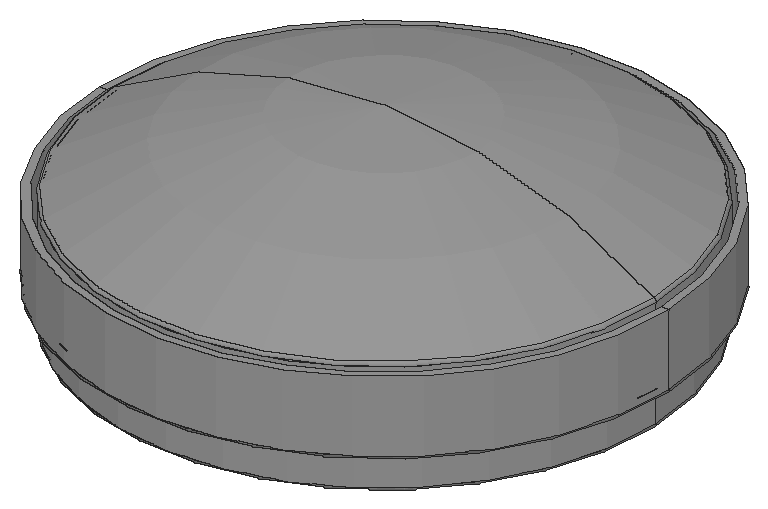
Revit family "3034782 Sylvania Lighting Fixture GIOTTO305 LED G2 4000K RECESSED EMERGENCY", category Lighting Fixtures, host Face, Revit 2016
Family settings
  Host = Face
  Part Type = Normal
  Round Connector Dimension = Use Diameter
  OmniClass Number = 23.80.70.00
  OmniClass Title = Lighting
  Cut with Voids When Loaded = No
  Light Source = Yes
  Shared = No
  Room Calculation Point = No
Parameters (values of type "3034782 GIOTTO305 LED G2 4000K RECESSED EMERGENCY Emergency mode")
  Weight = "1.41 kg"
  Wattage Comments = ""
  Wattage = 20 W
  WarrantyStartDate [instance] = "n/a"
  WarrantyGuarantorParts = "n/a"
  WarrantyDurationUnit = "n/a"
  WarrantyDurationParts = "n/a"
  WarrantyDescription = "n/a"
  built-in parameter 1150110 = 1 (stored number, unit not read)
  Voltage = 0 V
  URL = "http://www.sylvania-lighting.com"
  TypeName = "GIOTTO305 LED G2 4000K RECESSED EMERGENCY Emergency mode"
  Type Image = <None>
  Type Comments = "n/a"
  built-in parameter 1114217 = 1 (stored number, unit not read)
  Tilt Angle = -90.00°
  built-in parameter 1150109 = 1 (stored number, unit not read)
  built-in parameter 1150134 = 12
  built-in parameter 1150113 = 1 (stored number, unit not read)
  SerialNumber [instance] = "n/a"
  Photometric Web File = "3034782EM.ies"
  Material_3_SYL = LED-Sylvania
  PowerFactor = 0
  PowerConsumption = "20 W"
  NominalLength = 305 mm
  NominalHeight = 104 mm
  NominalDepth = 305 mm
  Name = "GIOTTO305 LED G2 4000K RECESSED EMERGENCY Emergency mode"
  ModelReference = Name  # "GIOTTO305 LED G2 4000K RECESSED EMERGENCY Emergency mode"
  ModelNumber = "3034782"
  Model = Name  # "GIOTTO305 LED G2 4000K RECESSED EMERGENCY Emergency mode"
  Material = "polycarbonate housing, polycarbonate diffuser"
  ManufacturerName = "Feilo Sylvania"
  Manufacturer = "Feilo Sylvania"
  LuminousEfficacy = "5.45 lm/W"
  built-in parameter 1150105 = 8.6739 (stored number, unit not read)
  Lumens = 109 lm
  LuminaireType = ""
  built-in parameter 1150115 = 1 (stored number, unit not read)
  LightOutputRatio = "n/a"
  built-in parameter 1150137 = (empty or 0)
  built-in parameter 1150139 = (empty or 0)
  LampsType = Lamp  # "LED"
  LampNominalLuminous = "109 lm"
  LampMacAdamStep = "n/a"
  LampColourTemperature = "4000 K"
  LampColourRenderingIndex = "80"
  built-in parameter 1150112 = 1 (stored number, unit not read)
  built-in parameter 1150114 = 1 (stored number, unit not read)
  Lamp = "LED"
  Keynote = "16500"
  InstallationDate [instance] = "n/a"
  InputVoltage = "n/a"
  InputNominalFrequency = "n/a"
  built-in parameter 1150132 = (empty or 0)
  built-in parameter 1150102 = (empty or 0)
  built-in parameter 1150107 = 4000 (stored number, unit not read)
  built-in parameter 1150138 = (empty or 0)
  IngressProtection = "IP44"
  ImpactProtectionIndex = "IK10"
  built-in parameter 1150106 = 0.086739 (stored number, unit not read)
  IfcExportType = "IfcLightFixtureType"
  IfcExportAs = "IfcLightFixtureType"
  Height_SYL = 104 mm
  ExpectedLife = 50000
  Emit from Circle Diameter = 317 mm
  Emit Shape Visible in Rendering = no
  ElectricShockClassification = "Class I"
  built-in parameter 1150104 = 0.50632 (stored number, unit not read)
  DurationUnit = "hours"
  DocumentationLiterature = "http://www.sylvania-lighting.com/product/en-int/products/3034782"
  DimmingControlOptions = "n/a"
  Material_2_SYL = Polycarbonate_Sylvania_Giotto_Opal
  Dimming Lamp Color Temperature Shift = <None>
  DiffuserRadius_SYL = 282.611 mm
  Diameter_SYL = 305 mm
  Description = "Ambient and decorative round, recessed mounted LED bulkhead luminaire. White robust polycarbonate body with opal diffuser, 1596 lm, 20W, 80lm/W, 4000K, CRI 80, non-dimmable, integral 3 hour maintained emergency, 50,000 hours lumen maintenance. Drive current: 700mA, IP44, IK10, Class I, 220-240V, Energy class: A++, A+, A."
  Default Elevation = 1219.2 mm
  CreatedOn = "11/7/2018"
  CreatedBy = "@sylvania-lighting.com"
  Cost = 0
  Color Filter = 16777215
  built-in parameter 1114216 [instance] = (empty or 0)
  ClassificationValue = "EF_70_80"
  ClassificationName = "Uniclass2015"
  Material_1_SYL = Polycarbonate_Sylvania_Giotto_White
  BarCode [instance] = "n/a"
  built-in parameter 1114218 = 1 (stored number, unit not read)
  built-in parameter 1150133 = 10 (stored number, unit not read)
  AssetType = "Fixed"
  AssetIdentifier [instance] = "n/a"
  Assembly Code = "D5020200"
  Apparent Load = 20 VA
  Material_4_SYL = none
Types (2, lengths in mm): name | TypeName | Photometric Web File | Name | ModelReference | Model | LuminousEfficacy | built-in parameter 1150105 | Lumens | LampNominalLuminous | built-in parameter 1150106 | built-in parameter 1150104
  3034782 GIOTTO305 LED G2 4000K RECESSED EMERGENCY Emergency mode | "GIOTTO305 LED G2 4000K RECESSED EMERGENCY Emergency mode" | "3034782EM.ies" | "GIOTTO305 LED G2 4000K RECESSED EMERGENCY Emergency mode" | "GIOTTO305 LED G2 4000K RECESSED EMERGENCY Emergency mode" | "GIOTTO305 LED G2 4000K RECESSED EMERGENCY Emergency mode" | "5.45 lm/W" | 8.6739 (stored number, unit not read) | 109 lm | "109 lm" | 0.086739 (stored number, unit not read) | 0.50632 (stored number, unit not read)
  3034782 GIOTTO305 LED G2 4000K RECESSED EMERGENCY | "GIOTTO305 LED G2 4000K RECESSED EMERGENCY" | "3034782.ies" | "GIOTTO305 LED G2 4000K RECESSED EMERGENCY" | "GIOTTO305 LED G2 4000K RECESSED EMERGENCY" | "GIOTTO305 LED G2 4000K RECESSED EMERGENCY" | "80 lm/W" | 127.32 (stored number, unit not read) | 1600 lm | "1596 lm" | 1.2732 (stored number, unit not read) | 7.4322 (stored number, unit not read)
Reference planes
  plane 1 "Center (Front/Back)": y = 0
  plane 2: z = 0
  plane 3 "Center (Left/Right)": x = 0
  plane 4: x = 152.5
  plane 5: x = -152.5
  plane 6: x = -145.5
  plane 7: x = -148.5
  plane 8: z = 104
  plane 9: z = 59
  plane 10: z = 19
  plane 11: z = 24
  plane 12: x = -150.9
  plane 13: z = 20.6
  plane 14: z = 1.6
  plane 15: x = -143.9
  plane 16: z = 18
  plane 17: x = -146.5
  plane 18: z = 25
  plane 19: z = 61
Forms (mm)
  Revolve 1, solid, material "Polycarbonate_Sylvania_Giotto_White" <- "Material_1_SYL"
    sketch origin (0, 0, 0) x (1, 0, 0) y (0, 0, 1)
      loop
        line (0, 0) -> (0, 25) -> (-143.9, 25) -> (-143.9, 24) -> (-148.5, 24) -> (-148.5, 59) -> (-152.5, 59) -> (-152.5, 20.6)
        arc (-152.5, 20.6) -> (-152.031, 19.469) -> (-150.9, 19) r 1.6
        line (-150.9, 19) -> (-146.5, 19)
        arc (-146.5, 19) -> (-145.793, 18.707) -> (-145.5, 18) r 1
        line (-145.5, 18) -> (-145.5, 1.6)
        arc (-145.5, 1.6) -> (-145.031, 0.469) -> (-143.9, 0) r 1.6
        line (-143.9, 0) -> (0, 0)
      axis (0, 59) -> (0, 0)
    angle from 360 to 0
  Revolve 2, solid, material "Polycarbonate_Sylvania_Giotto_Opal" <- "Material_2_SYL"
    sketch origin (0, 0, 0) x (1, 0, 0) y (0, 0, 1)
      loop
        line (-145.5, 24) -> (-143.9, 24) -> (-143.9, 59.636)
        arc (-143.9, 59.636) -> (-143.79, 60.068) -> (-143.485, 60.394) r 0.9
        arc (-143.485, 60.394) -> (-74.754, 91.683) -> (0, 102.4) r 266.066
        line (0, 102.4) -> (0, 104)
        arc (0, 104) -> (-75.203, 93.218) -> (-144.348, 61.742) r 267.666
        arc (-144.348, 61.742) -> (-145.193, 60.836) -> (-145.5, 59.636) r 2.5
        line (-145.5, 59.636) -> (-145.5, 24)
      axis (0, 104) -> (0, 24)
    angle from 360 to 0
Dimensions and locks
  equal spacing: plane 4, plane 3 "Center (Left/Right)", plane 5
  "Diameter_SYL": plane 4 to plane 5
  locked: plane 6 to plane 5 at 7
  locked: plane 7 to plane 5 at 4
  "Height_SYL": plane 8 to plane 2
  locked: plane 8 to plane 9 at 45
  locked: plane 9 to plane 10 at 40
  Revolve 1 sketch curve to Revolve 1 sketch curve = 4.4 mm
  locked: plane 11 to plane 10 at 5
  locked: plane 12 to plane 5 at 1.6
  locked: plane 13 to plane 10 at 1.6
  locked: plane 14 to plane 2 at 1.6
  locked: plane 15 to plane 6 at 1.6
  locked: plane 6 to plane 17 at 1
  locked: plane 10 to plane 16 at 1
  locked: plane 18 to plane 11 at 1
  locked: plane 19 to plane 9 at 2
  aligned and locked: plane 2 to host face
  aligned and locked: level to host face
  aligned and locked: Revolve 1 sketch curve to plane 3 "Center (Left/Right)"
  aligned and locked: level to Revolve 1 sketch curve
  aligned and locked: Revolve 1 sketch curve to plane 10
  aligned and locked: plane 9 to Revolve 1 sketch curve
  aligned and locked: Revolve 1 sketch curve to plane 7
  aligned and locked: plane 12 to Revolve 1 sketch curve  (x2)
  aligned and locked: plane 13 to Revolve 1 sketch curve  (x2)
  aligned and locked: plane 15 to Revolve 1 sketch curve  (x3)
  aligned and locked: plane 14 to Revolve 1 sketch curve  (x2)
  aligned and locked: plane 3 "Center (Left/Right)" to imposter light
  aligned and locked: imposter light to plane 1 "Center (Front/Back)"
  aligned and locked: plane 18 to Revolve 1 sketch curve
  aligned and locked: plane 11 to Revolve 1 sketch curve
  aligned and locked: imposter light to plane 8
  aligned and locked: plane 6 to Revolve 1 sketch curve
  aligned and locked: plane 17 to Revolve 1 sketch curve
  aligned and locked: plane 16 to Revolve 1 sketch curve
  aligned and locked: Revolve 2 sketch curve to plane 3 "Center (Left/Right)"
  aligned and locked: plane 6 to Revolve 2 sketch curve
  aligned and locked: plane 3 "Center (Left/Right)" to Revolve 2 sketch curve
  aligned and locked: plane 11 to Revolve 2 sketch curve
  aligned and locked: Revolve 2 sketch curve to imposter light
Automatic sketch dimensions
  host sketch curve to host sketch curve = 2438.4 mm  (x2)
  Revolve 1 sketch curve to plane 3 "Center (Left/Right)" = 0 mm
  Revolve 1 sketch curve to level = 609.6 mm
  Revolve 1 sketch curve to plane 8 = 2499.058 mm
  Revolve 2 sketch curve to Revolve 2 sketch curve = 0 mm  (x4)
  Revolve 2 sketch curve to plane 15 = 0 mm
  Revolve 2 sketch curve to plane 8 = 0 mm
  plane 15 to Revolve 2 sketch curve = 0.9 mm
  Revolve 2 sketch curve to level = 163.666 mm
  Revolve 2 sketch curve to plane 9 = 0.636 mm
  Revolve 2 sketch curve to Revolve 2 sketch curve = 445.934 mm
  Revolve 2 sketch curve to plane 8 = 2505.058 mm
Connectors
  electrical at (0, 0, 0), driven by "Apparent Load", driven by "PowerFactor", driven by "Voltage"
    settings: index 1, voltage 0 V, apparent load 20 VA, apparent load phase1 0 VA, apparent load phase2 0 VA, apparent load phase3 0 VA, power factor 0, load classification "Lighting", number of poles 1, system type 30, power factor state 1, is connector primary yes, connector utility no, sub classification motor no, connector description ""
